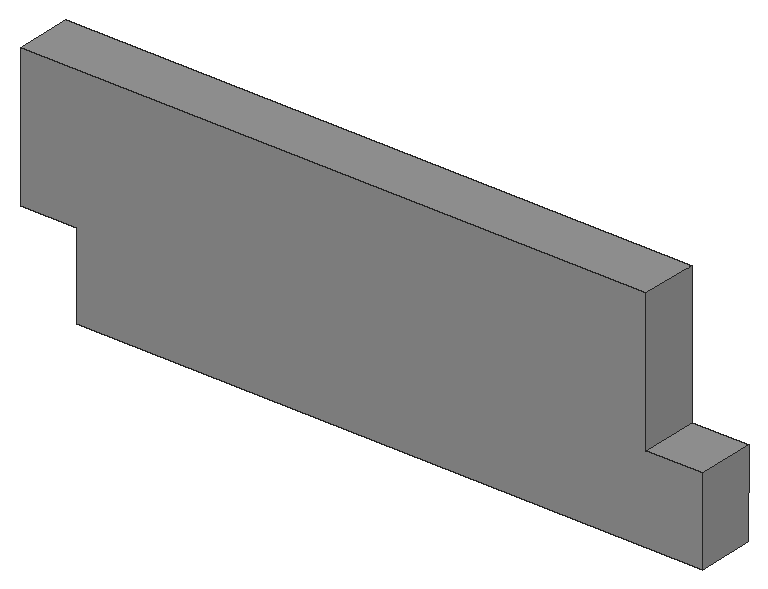
Revit family "Stonepanel_Infercoa_ESP", category Modelos genéricos, Revit 2017
Family settings
  Anfitrión = Muro
  Puede alojar armadura = No
  Cota de conector redondo = Diámetro de uso
  Tipo de pieza = Normal
  Siempre vertical = Sí
  Corte con vacíos al cargar = No
  Compartido = No
  Punto de cálculo de habitación = No
Parameters (values of type "Stonepanel® Infercoa")
  Ventajas de Stonepanel = "Eficaz: Instalación ágil y sencilla : 10 veces más rápido que la mampostería tradicional (Ritmo medio de colocación de 20 m2/día). Mayor rentabilidad gracias al menor desperdicio de material en obra y a la durabilidad de un producto natural frente a otros revestimientos. La colocación de los paneles no requiere mano de obra ni maquinaria especializada.\r\nSeguro: Un sistema de anclaje patentado, de acero inoxidable, que permite su instalación a más de 2 metros de altura. Base de cemento homogénea y rugosa que garantiza la adhesión y permite el corte sin desprendimiento.\r\nCalidad: Control permanente del proceso de producción desde la oficina I+D+I. Una cuidada selección de piedra natural realizada por los expertos de CUPASTONE. Disponibilidad de piezas especiales para adaptarse perfectamente a cada edificio: esquinas (macizas, rectas, dobles o para ventanas), cubremuros, y otros complementarios.\r\nEstética: Forma de “S” que evita la visión de las juntas para homogenizar el aspecto final. Gran variedad de paneles para elegir entre colores y acabados de piedra natural. La propia belleza y exclusividad de la piedra natural: Cada piedra es\r\núnica."
  Usos Indicados = "Revestimiento de Paredes exteriores e interiores en edificaciones nuevas o rehabilitaciones"
  Uniclass 2015 = "Pr_25_71_14_56 Natural stone panels"
  Uniclass 2 = "Pr_25_71_14_56 Natural stone panels"
  URL = "http://www.cupastone.es/producto/stonepanel-orient/"
  Sistema de anclaje = "Cinta perforada en acero inoxidable:\r\n- Naturaleza del acero: AISI 316 (1.4401) o AISI 304 (1.4301)\r\n- Espesor mínimo (mm) : 0,7\r\n- Ancho (mm) : 12 a 15\r\n- Diámetro del hueco (mm) : 6 ± 1\r\n\r\nTacos:\r\nLa elección de los tacos y clavijas de fijación debe ser realizada teniendo en cuenta la acción en depresión del viento (muros exteriores) y de la resistencia de los tacos en el soporte, en función de la naturaleza del soporte."
  Resistencia al fuego = "A1 incombustible"
  Resistencia al hielo = "Sin alteraciones despues de 50 ciclos"
  Resistencia = "Buena resistencia"
  Peso = "8,75 kg"
  Oxidación = "No oxida"
  Otros datos de interés del producto = "Dispone de un anclaje para instalar a alturas superiores a 2 metros"
  Omniclass = "23-15 15 15 11"
  NBS Reference = "45-25-45/380 Natural stone panels"
  Modelo = "Stonepanel® Infercoa"
  Material = "Panel de pizarra procedente de nuestra propia cantera al norte de Portugal. Un material con una textura muy marcada y resistente a cualquier tipo de condiciones meteorológicas. Oxidación natural."
  Limpieza = "En general, los paneles no requieren mantenimiento y son auto- limpiantes, pero la eliminación de algunos tipos de marcas pueden requerir un tratamiento especializado.\r\nEn caso de suciedad anormal, la superficie puede limpiarse con una mezcla / detergente doméstico y agua caliente , aplicada con una almohadilla de limpieza adecuado o una esponja."
  Largo = 600 mm
  Impacto = "-"
  Imagen de tipo = <Ninguno>
  H1 = 76 mm
  Formato = "600 x 200"
  Forma de suministro = "Los paneles se presentan en parejas, en un embalaje plástico de 2 pieza"
  Forma = "Forma de \"s\""
  Fabricante = "Cupastone"
  Envejecimiento por cambio térmicos = "Sin alteraciones despues de 20 ciclos."
  Ensayos realizados por Avis Technique = "Resistencia mecánica del anclaje, Resistencia mecánica de la cinta de seguridad, Ensayo de durabilidad tras la acción del agua, Ensayo de durabilidad tras la acción del hielo, Ensayo sísmico"
  Durabilidad = "Según el certificado BBA, el sistema tiene una vida de diseño superior a"
  Detalles constructivos = "Detalles de:\r\n- Instalación con perfil metálico\r\n- Instalación de Stonepanel\r\n- Instalación en muro interior\r\n- Instalación del elemento de seguridad (cinta perforada + tacos)\r\n- Esquinas entrantes\r\n- Esquinas salientes\r\n- Esquinas salientes pre-fabricadas\r\n- Esquinas salientes mediante serrado del panel\r\n- Esquinas salientes sin continuidad de Stonepanel (caso de una fachada lateral)\r\n- Bordes superiores\r\n- Sobre parapeto\r\n- Marco de vano"
  Desfase de altura = 0 mm
  Descripción = "Panel de pizarra procedente de nuestra propia cantera al norte de Portugal. Un material con una textura muy marcada y resistente a cualquier tipo de condiciones meteorológicas. Oxidación natural."
  Densidad aparente = "79,5 kg/m2"
  Color secundario = "Gris oscuro"
  Color principal = "Negro"
  Certificaciones = "Avis Technique - Francia"
  Aspecto = "Rústico"
  Ancho = 50 mm
  Alto = 200 mm
  Acabado = "Natural"
  Absorción = "Baja absorción"
Reference planes
  plane 1 "Muro": y = 0
  plane 2 "Centro (Izquierda/Derecha)": x = 125
  plane 3 "Posterior": y = 75
Forms (mm)
  Extrusion 1, solid, material "Stonepanel® SKY Orient"
    sketch origin (0, 160, 1120) x (1, 0, 0) y (0, 0, 1)
      loop
        line (125, -1120) -> (125, -1044) -> (75, -1044) -> (75, -920) -> (-475, -920) -> (-475, -1044) -> (-425, -1044) -> (-425, -1120) -> (125, -1120)
    from 35 to 85
Lines and regions (mm)
  reference lines
    curve 1: line (-485, 0, 76) -> (235, 0, 76)
Text (mm)
  text "Cara de colocación" at (-1848.837, 1116.779, 0), in view "Nivel de referencia"
  text "Cara de colocación" at (0, 1409.804, 2854.306), in view "Izquierda"
  text "Cara de colocación" at (0, 499.811, 2980.732), in view "Derecha"
Dimensions and locks
  locked: plane 3 "Posterior" to host wall
  locked: Extrusion 1 to plane 3 "Posterior" at 0
  "Ancho": Extrusion 1 to Extrusion 1
  "Largo": Extrusion 1 to Extrusion 1
  "H1": level to Extrusion 1
  "Desfase de altura": level to Extrusion 1
  locked: Extrusion 1 to Extrusion 1 at 50  (x2)
  "Alto": level to Extrusion 1
  "H1": Extrusion 1 to Extrusion 1
  aligned and locked: plane 1 "Muro" to host wall
Automatic sketch dimensions
  Extrusion 1 sketch curve to level = 0 mm
  Extrusion 1 sketch curve to plane 2 "Centro (Izquierda/Derecha)" = 0 mm
  Extrusion 1 sketch curve to plane 2 "Centro (Izquierda/Derecha)" = 50 mm
  Extrusion 1 sketch curve to Extrusion 1 sketch curve = 500 mm
  Extrusion 1 sketch curve to Extrusion 1 sketch curve = 50 mm
  level to Extrusion 1 sketch curve = 76 mm  (x2)
  Extrusion 1 sketch curve to Extrusion 1 sketch curve = 124 mm
  level to curve 1 = 76 mm
  curve 1 to plane 2 "Centro (Izquierda/Derecha)" = 610 mm
  plane 2 "Centro (Izquierda/Derecha)" to curve 1 = 110 mm
